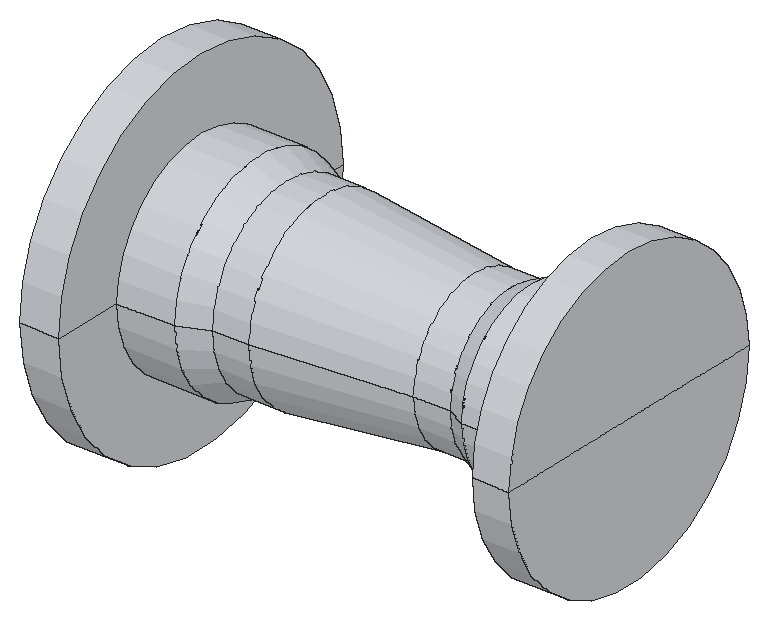
Revit family "fd42b7241603462284324851e60db682", category Pipe Fittings, Revit 2021
Family settings
  Round Connector Dimension = Use Radius
  Part Type = Transition
  OmniClass Number = 23.60.30.11.14
  OmniClass Title = Pipework Fittings
  Work Plane-Based = No
  Always vertical = Yes
  Cut with Voids When Loaded = No
  Shared = No
Parameters (values of type "Standard")
  Visibility 2 [instance] = Nominal Diameter 2 > Nominal Diameter 1  # no
  Visibility 1 [instance] = Nominal Diameter 1 > Nominal Diameter 2  # yes
  URL = ""
  Type Comments = ""
  Tick Size 2 [instance] = if(Nominal Diameter 1 > Nominal Diameter 2, Min Tick Size 12, Max Tick Size 12)  # 1.5840"
  Tick Size 1 [instance] = if(Nominal Diameter 1 > Nominal Diameter 2, Max Tick Size 12, Min Tick Size 12)  # 1.9200"
  Min Tick Size 12 [instance] = Min Fitting Outside Diameter 12 * 0.4  # 1.5840"
  Max Tick Size 12 [instance] = Max Fitting Outside Diameter 12 * 0.4  # 1.9200"
  Socket Outside Radius 2 [instance] = Socket Outside Diameter 2 / 2  # 2.2400"
  Socket Outside Radius 1 [instance] = Socket Outside Diameter 1 / 2  # 2.7250"
  Socket Outside Diameter 2 [instance] = if(Nominal Diameter 1 > Nominal Diameter 2, Min Socket Outside Diameter 12, Max Socket Outside Diameter 12)  # 4.4800"
  Socket Outside Diameter 1 [instance] = if(Nominal Diameter 1 > Nominal Diameter 2, Max Socket Outside Diameter 12, Min Socket Outside Diameter 12)  # 5.4500"
  Socket Depth 2 [instance] = if(Nominal Diameter 2 < 14.0000", 2.5000", if(Nominal Diameter 2 < 30.0000", 3.5000", 4.0000"))  # 2.5000"
  Socket Depth 1 [instance] = if(Nominal Diameter 1 < 14.0000", 2.5000", if(Nominal Diameter 1 < 30.0000", 3.5000", 4.0000"))  # 2.5000"
  Min Socket Outside Diameter 12 [instance] = size_lookup(Lookup Table Name, "SOD", 1.1 * Min Nominal Diameter 12 + 0.8700", Min Nominal Diameter 12)  # 4.4800"
  Max Socket Outside Diameter 12 [instance] = size_lookup(Lookup Table Name, "SOD", 1.14 * Max Nominal Diameter 12 + 0.1300", Max Nominal Diameter 12)  # 5.4500"
  Nominal Radius 2 [instance] = 1.5000"
  Nominal Radius 1 [instance] = 2.0000"
  Nominal Diameter 2 [instance] = Nominal Radius 2 * 2  # 3.0000"
  Nominal Diameter 1 [instance] = Nominal Radius 1 * 2  # 4.0000"
  Min Nominal Diameter 12 [instance] = if(Nominal Diameter 1 > Nominal Diameter 2, Nominal Diameter 2, Nominal Diameter 1)  # 3.0000"
  Max Nominal Diameter 12 [instance] = if(Nominal Diameter 1 > Nominal Diameter 2, Nominal Diameter 1, Nominal Diameter 2)  # 4.0000"
  Manufacturer = ""
  Loss Method = K Coefficient from Table
  Lookup Table Name = "Reducer - MJ - GI - Class 250"
  Length [instance] = size_lookup(Lookup Table Name, "Lgt", 2 * Max Nominal Diameter 12, Max Nominal Diameter 12, Min Nominal Diameter 12)  # 12.0000"
  K Coefficient Table = "Reducer/Coupling/Union/Increaser"
  Fitting Outside Radius 2 [instance] = Fitting Outside Diameter 2 / 2  # 1.9800"
  Fitting Outside Radius 1 [instance] = Fitting Outside Diameter 1 / 2  # 2.4000"
  Min Fitting Outside Diameter 12 [instance] = size_lookup(Lookup Table Name, "FOD", 1.04 * Min Nominal Diameter 12 + 0.7000", Min Nominal Diameter 12)  # 3.9600"
  Max Fitting Outside Diameter 12 [instance] = size_lookup(Lookup Table Name, "FOD", 1.04 * Max Nominal Diameter 12 + 0.7000", Max Nominal Diameter 12)  # 4.8000"
  built-in parameter 1114238 [instance] = (empty or 0)
  Fitting Outside Diameter 2 [instance] = if(Nominal Diameter 1 > Nominal Diameter 2, Min Fitting Outside Diameter 12, Max Fitting Outside Diameter 12)  # 3.9600"
  Fitting Outside Diameter 1 [instance] = if(Nominal Diameter 1 > Nominal Diameter 2, Max Fitting Outside Diameter 12, Min Fitting Outside Diameter 12)  # 4.8000"
  Description = ""
  Default Elevation = 0.0000"
  Bevel Length 2 [instance] = size_lookup(Lookup Table Name, "BvLgt", 0.04 * Nominal Diameter 2 + 0.4300", Nominal Diameter 2)  # 0.5200"
  Bevel Length 1 [instance] = size_lookup(Lookup Table Name, "BvLgt", 0.04 * Nominal Diameter 1 + 0.4300", Nominal Diameter 1)  # 0.6500"
  Gland Width 2 [instance] = size_lookup(Lookup Table Name, "GWid", 0.03 * Nominal Diameter 2 + 0.9400", Nominal Diameter 2)  # 0.9400"
  Gland Width 1 [instance] = size_lookup(Lookup Table Name, "GWid", 0.03 * Nominal Diameter 1 + 0.9400", Nominal Diameter 1)  # 1.0000"
  Gland Outside Radius 1 [instance] = Gland Outside Diameter 1 / 2  # 4.5600"
  Gland Outside Radius 2 [instance] = Gland Outside Diameter 2 / 2  # 3.8450"
  Max Gland Outside Diameter 12 [instance] = size_lookup(Lookup Table Name, "GOD", 1.16 * Max Nominal Diameter 12 + 4.0300", Max Nominal Diameter 12)  # 9.1200"
  Min Gland Outside Diameter 12 [instance] = size_lookup(Lookup Table Name, "GOD", 1.16 * Min Nominal Diameter 12 + 4.0300", Min Nominal Diameter 12)  # 7.6900"
  Gland Outside Diameter 2 [instance] = if(Nominal Diameter 1 > Nominal Diameter 2, Min Gland Outside Diameter 12, Max Gland Outside Diameter 12)  # 7.6900"
  Gland Outside Diameter 1 [instance] = if(Nominal Diameter 1 > Nominal Diameter 2, Max Gland Outside Diameter 12, Min Gland Outside Diameter 12)  # 9.1200"
  Assembly Code = ""
Reference planes (in)
  plane 1 "Center (Front/Back)": y = 0
  plane 2: z = 0
  plane 3 "Center (Left/Right)": x = 0
  plane 4 "Right": x = 12
  plane 5 "TK1 Top": y = 1.92
  plane 6 "TK1 Bottom": y = -1.92
  plane 7 "TK2 Top": y = 1.584
  plane 8 "TK2 Bottom": y = -1.584
  plane 9: y = 4.56
  plane 10: y = 2.725
  plane 11: x = 2.5
  plane 12: x = 3.15
  plane 13: y = 2.4
  plane 14 "SD2R": x = 9.5
  plane 15: x = 1
  plane 16: x = 11.06
  plane 17: x = 8.98
  plane 18: y = 1.98
  plane 19: y = 2.24
  plane 20: y = 3.845
  plane 21: x = 4.15
  plane 22: x = 8.04
Forms (in)
  Extrusion 1, solid, not visible
    sketch origin (0, 0, 0) x (0, 1, 0) y (0, 0, 1)
      loop
        circle (0, 0) r 1
    from 0 to 12
  Revolve 2, solid, detail levels fine
    sketch origin (0, 0, 0) x (1, 0, 0) y (0, 1, 0)
      loop
        line (0, 0) -> (12, 0) -> (12, 3.845) -> (11.06, 3.845) -> (11.06, 2.24) -> (9.5, 2.24) -> (8.98, 1.98) -> (8.04, 1.98) -> (4.15, 2.4) -> (3.2, 2.4) -> (2.5, 2.725) -> (1, 2.725) -> (1, 4.56) -> (0, 4.56) -> (0, 0)
      axis (0, 0) -> (12, 0)
    angle from 0 to 360
Lines and regions (in)
  model lines, detail levels coarse+medium
    curve 1: line (0, 0, 0) -> (0, 1.92, 0)
    curve 2: line (0, -1.92, 0) -> (0, 0, 0)
    curve 3: line (12, 0, 0) -> (12, 1.584, 0)
    curve 4: line (12, 0, 0) -> (12, -1.584, 0)
  model lines, style "PipeFitting", visible <- "Visibility 1", detail levels coarse+medium
    curve 5: line (0, 1.92, 0) -> (12, 0, 0)
    curve 6: line (0, -1.92, 0) -> (12, 0, 0)
  model lines, style "PipeFitting", visible <- "Visibility 2", detail levels coarse+medium
    curve 7: line (12, 1.584, 0) -> (0, 0, 0)
    curve 8: line (0, 0, 0) -> (12, -1.584, 0)
Dimensions and locks (in)
  "Tick Size 1": plane 5 "TK1 Top" to plane 1 "Center (Front/Back)"
  "Tick Size 1": plane 6 "TK1 Bottom" to plane 1 "Center (Front/Back)"
  "Tick Size 2": plane 7 "TK2 Top" to plane 1 "Center (Front/Back)"
  "Tick Size 2": plane 8 "TK2 Bottom" to plane 1 "Center (Front/Back)"
  "Gland Outside Radius 1": plane 9 to plane 1 "Center (Front/Back)"
  "Socket Outside Radius 1": plane 1 "Center (Front/Back)" to plane 10
  "Fitting Outside Radius 1": plane 13 to plane 1 "Center (Front/Back)"
  "Length": plane 3 "Center (Left/Right)" to plane 4 "Right"
  "Socket Depth 2": plane 14 "SD2R" to plane 4 "Right"
  "Socket Depth 1": plane 3 "Center (Left/Right)" to plane 11
  "Gland Width 1": plane 3 "Center (Left/Right)" to plane 15
  "Gland Width 2": plane 16 to plane 4 "Right"
  "Bevel Length 1": plane 11 to plane 12
  "Bevel Length 2": plane 17 to plane 14 "SD2R"
  "Fitting Outside Radius 2": plane 18 to plane 1 "Center (Front/Back)"
  "Socket Outside Radius 2": plane 19 to plane 1 "Center (Front/Back)"
  "Gland Outside Radius 2": plane 20 to plane 1 "Center (Front/Back)"
  "Gland Width 1": plane 12 to plane 21
  "Gland Width 2": plane 22 to plane 17
  radius of Extrusion 1 sketch curve = 1.0000"
  aligned and locked: plane 2 to level
  aligned and locked: plane 2 to Extrusion 1 sketch curve
  aligned and locked: plane 1 "Center (Front/Back)" to Extrusion 1 sketch curve
  aligned and locked: Extrusion 1 to plane 3 "Center (Left/Right)"
  aligned and locked: plane 4 "Right" to Extrusion 1
  aligned and locked: plane 1 "Center (Front/Back)" to curve 2
  aligned and locked: plane 3 "Center (Left/Right)" to curve 1
  aligned and locked: plane 3 "Center (Left/Right)" to curve 2
  aligned and locked: plane 5 "TK1 Top" to curve 1
  aligned and locked: plane 6 "TK1 Bottom" to curve 2
  aligned and locked: curve 3 to plane 7 "TK2 Top"
  aligned and locked: curve 4 to plane 4 "Right"
  aligned and locked: plane 1 "Center (Front/Back)" to Revolve 2 sketch curve
  aligned and locked: plane 3 "Center (Left/Right)" to Revolve 2 sketch curve
  aligned and locked: Revolve 2 sketch curve to plane 9
  aligned and locked: Revolve 2 sketch curve to plane 15
  aligned and locked: Revolve 2 sketch curve to plane 10
  aligned and locked: plane 11 to Revolve 2 sketch curve
  aligned and locked: plane 14 "SD2R" to Revolve 2 sketch curve
  aligned and locked: plane 19 to Revolve 2 sketch curve
  aligned and locked: plane 16 to Revolve 2 sketch curve
  aligned and locked: plane 20 to Revolve 2 sketch curve
  aligned and locked: plane 4 "Right" to Revolve 2 sketch curve
  aligned and locked: Revolve 2 sketch curve to Revolve 2 sketch curve
  aligned and locked: Revolve 2 sketch curve to plane 18
  aligned and locked: plane 22 to Revolve 2 sketch curve
  aligned and locked: Revolve 2 sketch curve to plane 13
  aligned and locked: plane 21 to Revolve 2 sketch curve
Automatic sketch dimensions
  plane 8 "TK2 Bottom" to curve 8 = 0.0000"
  plane 1 "Center (Front/Back)" to curve 4 = 0.0000"
  Revolve 2 sketch curve to plane 17 = 0.0000"
  Revolve 2 sketch curve to plane 3 "Center (Left/Right)" = 9.7500"
  Revolve 2 sketch curve to plane 12 = 0.0500"
  Revolve 2 sketch curve to Revolve 2 sketch curve = 7.2500"
Connectors (in)
  piping at (0, 0, 0), diameter 4, driven by "Nominal Radius 1"
    settings: on Extrusion 1, index 1, connector inside diameter 4.0000", connector length 0.0000", flow factor 0, pipe flow 0 GPM, pressure drop 0.00 psi, fitting loss kfactor 0, connector angle 0.00°, fixture units 0, engagement length 0.0000", angle of deflection 0.00°, flow configuration 0, flow direction 0, fitting loss method 0, system type 28, joint type 0, gender type 0, connector reference index 2, connector utility 0, adjustable connector no, is connector primary yes, connector description ""
  piping at (12, 0, 0), diameter 3, driven by "Nominal Radius 2"
    settings: on Extrusion 1, index 2, connector inside diameter 3.0000", connector length 0.0000", flow factor 0, pipe flow 0 GPM, pressure drop 0.00 psi, fitting loss kfactor 0, connector angle 0.00°, fixture units 0, engagement length 0.0000", angle of deflection 0.00°, flow configuration 0, flow direction 0, fitting loss method 0, system type 28, joint type 0, gender type 0, connector reference index 1, connector utility 0, adjustable connector no, is connector primary no, connector description ""
